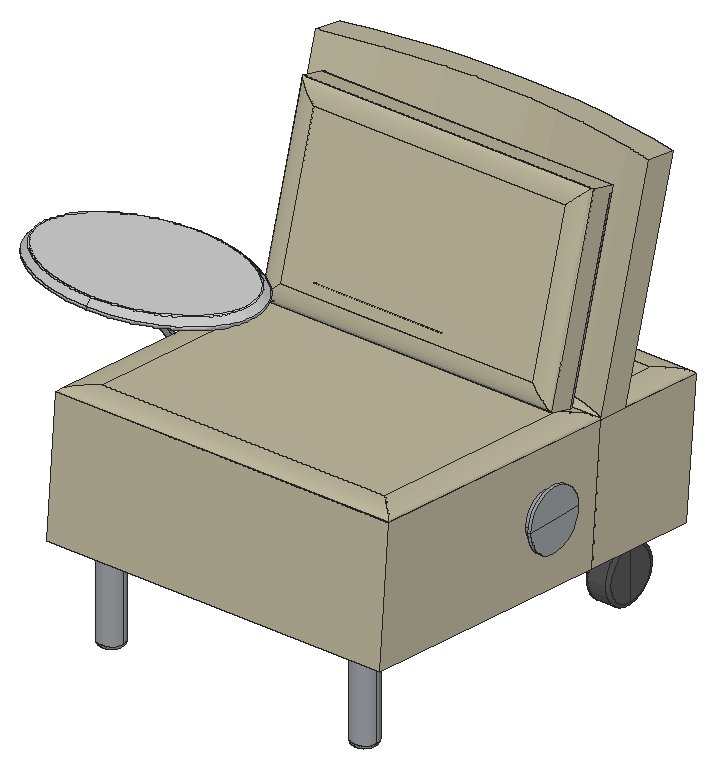
Revit family
Parameters
  Wheel [instance] = none
  URL = "http://www.martinbrattrud.com"
  Table Top [instance] = none
  SCS Certified Product = "Yes"
  Model = "Stonehenge 915-04"
  Manufacturer = "Martin Brattrud, Inc."
  Leg [instance] = none
  Keynote = "125000"
  Copyright = "© 2013 Martin Brattrud, Inc."
  Chair [instance] = none
  Back Cushion [instance] = none
  Authoring Version = "Revit Architecture 2010"
  Assembly Code = "E2020200"
Reference planes (in)
  plane 1 "Center Front/Back": y = 0
  plane 2: z = 0
  plane 3 "Center Left/Right": x = 0
  plane 4: z = 0
  plane 5: x = 0.00823
Forms (in)
  Extrusion 1, solid, material <- "Chair"
    sketch origin (0, 0.52946, 5.84845) x (0, -0.995927, 0.090161) y (-1, 0, 0)
      loop
        line (-14.83695, -13.47209) -> (-5.2106, -13.47209) -> (-5.2106, 13.47209) -> (-14.83695, 13.47209) -> (-14.83695, -13.47209)
    from -10.4513 to -0.00014
  Extrusion 2, solid, material <- "Chair"
    sketch origin (0, 10.90822, 4.90887) x (0, 0.995927, -0.090161) y (1, 0, 0)
      loop
        line (-26.7106, 13.47209) -> (-26.7106, -13.47209) -> (-5.2106, -13.47209) -> (-5.2106, 13.47209) -> (-26.7106, 13.47209)
    from -10.4513 to 0.00024
  Sweep 3, solid, material <- "Chair"
    path in 3D
      loop
        line (13.47209, -14.7513, 17.72585) -> (13.47209, 6.66113, 15.7874) -> (-13.47209, 6.66113, 15.7874) -> (-13.47209, -14.7513, 17.72585) -> (13.47209, -14.7513, 17.72585)
    profile origin (0, -14.7513, 17.72585) x (0, 0.995927, -0.090161) y (0, 0.090161, 0.995927)
      loop
        line (2.03125, 0) -> (2.03125, 0.52839)
        spline (2.03125, 0.52839) -> (1.7702, 0.52387) -> (1.51361, 0.51039) -> (1.26588, 0.48817) -> (1.03125, 0.4576) -> (0.81373, 0.4192) -> (0.61704, 0.37363) -> (0.44454, 0.32166) -> (0.2992, 0.2642) -> (0.18349, 0.20221) -> (0.0994, 0.13676) -> (0.04836, 0.06897) -> (0.03125, 0)
        line (0.03125, 0) -> (2.03125, 0)
  Extrusion 4, solid, material <- "Chair"
    sketch origin (0, 0, 0) x (0, 1, 0) y (0, 0, 1)
      loop
        line (4.68579, 16.49677) -> (-12.68069, 18.06895) -> (-12.72833, 17.54271) -> (4.63815, 15.97053) -> (4.68579, 16.49677)
    from -11.44084 to 11.44084
  Sweep 5, solid, material <- "Chair"
    path in 3D
      loop
        line (-13.47209, 16.24828, 14.91948) -> (-13.47209, 6.66113, 15.7874) -> (13.47209, 6.66113, 15.7874) -> (13.47209, 16.24828, 14.91948) -> (-13.47209, 16.24828, 14.91948)
    profile origin (0, 16.24828, 14.91948) x (0, -0.995927, 0.090161) y (0, 0.090161, 0.995927)
      loop
        line (2.03125, 0) -> (2.03125, 0.45358)
        spline (2.03125, 0.45358) -> (1.7702, 0.4497) -> (1.51361, 0.43812) -> (1.26588, 0.41905) -> (1.03125, 0.39281) -> (0.81373, 0.35985) -> (0.61704, 0.32073) -> (0.44454, 0.27612) -> (0.2992, 0.22679) -> (0.18349, 0.17358) -> (0.0994, 0.11739) -> (0.04836, 0.0592) -> (0.03125, 0)
        line (0.03125, 0) -> (2.03125, 0)
  Extrusion 6, solid, material <- "Chair"
    sketch origin (0, 0, 0) x (0, 1, 0) y (0, 0, 1)
      loop
        line (9.98768, 30.76355) -> (8.06607, 31.31925) -> (3.89659, 16.90046) -> (5.81732, 16.34476) -> (9.98768, 30.76355)
    from -11.75 to 11.75
  Sweep 7, solid, material <- "Chair"
    path in 3D
      loop
        line (-11.75, 8.06607, 31.31925) -> (-11.75, 3.89659, 16.90046) -> (11.75, 3.89659, 16.90046) -> (11.75, 8.06607, 31.31925) -> (-11.75, 8.06607, 31.31925)
    profile origin (0, 8.06607, 31.31925) x (0, -0.277789, -0.960642) y (0, -0.960642, 0.277789)
      loop
        line (0.03125, 0) -> (1.53125, 0) -> (1.53125, 0.46962)
        spline (1.53125, 0.46962) -> (1.33546, 0.4656) -> (1.14302, 0.45362) -> (0.95722, 0.43387) -> (0.78125, 0.4067) -> (0.61811, 0.37258) -> (0.47059, 0.33207) -> (0.34122, 0.28589) -> (0.23221, 0.23481) -> (0.14543, 0.17972) -> (0.08236, 0.12155) -> (0.04408, 0.0613) -> (0.03125, 0)
  Extrusion 8, solid, material <- "Chair"
    sketch origin (0, 0, 0) x (0, 1, 0) y (0, 0, 1)
      loop
        line (7.64071, 29.84827) -> (7.18957, 29.97873) -> (3.87082, 18.5019) -> (4.32195, 18.37145) -> (7.64071, 29.84827)
    from -10.21875 to 10.21875
  Extrusion 9, solid, material <- "Back Cushion"
    sketch origin (0, 9.59309, 33.0573) x (0, -0.960379, 0.278698) y (-1, 0, 0)
      loop
        line (-4.43095, -13.47209) -> (-2.03001, -13.47209)
        spline (-2.03001, -13.47209) -> (-2.63308, -11.28001) -> (-3.12847, -9.05886) -> (-3.51491, -6.8144) -> (-3.79139, -4.55239) -> (-3.9572, -2.27868) -> (-4.01191, 0.00086) -> (-3.95539, 2.28035) -> (-3.78777, 4.55391) -> (-3.50949, 6.81568) -> (-3.12128, 9.05981) -> (-2.62412, 11.28053) -> (-2.01931, 13.47209)
        line (-2.01931, 13.47209) -> (-4.42025, 13.47209)
        spline (-4.42025, 13.47209) -> (-5.02507, 11.28053) -> (-5.52222, 9.05981) -> (-5.91044, 6.81568) -> (-6.18872, 4.55391) -> (-6.35633, 2.28035) -> (-6.41286, 0.00086) -> (-6.35814, -2.27868) -> (-6.19233, -4.55239) -> (-5.91585, -6.8144) -> (-5.52942, -9.05886) -> (-5.03403, -11.28001) -> (-4.43095, -13.47209)
    from -2.42207 to 17.57683
  Extrusion 10, void
    sketch origin (0, 0, 0) x (0, 1, 0) y (0, 0, 1)
      loop
        line (16.47346, 31.64061) -> (16.894, 34.06774) -> (11.72108, 34.96404) -> (11.30054, 32.5369) -> (16.47346, 31.64061)
      loop
        line (6.40792, 15.81305) -> (6.22512, 13.81373) -> (12.28534, 13.25965) -> (12.46814, 15.25896) -> (6.40792, 15.81305)
    from -15.22442 to 15.21518
  Extrusion 11, solid, material <- "Leg"
    sketch origin (0, 0, 0) x (1, 0, 0) y (0, 1, 0)
      loop
        circle (-10.25, -13.20254) r 1
      loop
        circle (10.25, -13.20254) r 1
    from 0.25 to 7.25
  Revolve 12, solid, material <- "Leg"
    sketch origin (-10.25, 0, 0) x (0, 1, 0) y (0, 0, 1)
      loop
        line (-12.20254, 0.25) -> (-13.20254, 0.25) -> (-13.20254, 0) -> (-12.45254, 0)
        arc (-12.45254, 0) -> (-12.27577, 0.07322) -> (-12.20254, 0.25) r 0.25
      axis (-13.20254, 0) -> (-13.20254, 0.25)
    angle from 0 to 360
  Revolve 13, solid, material <- "Leg"
    sketch origin (10.25, 0, 0) x (0, 1, 0) y (0, 0, -1)
      loop
        arc (-12.20254, -0.25) -> (-12.27577, -0.07322) -> (-12.45254, 0) r 0.25
        line (-12.45254, 0) -> (-13.20254, 0) -> (-13.20254, -0.25) -> (-12.20254, -0.25)
      axis (-13.20254, 0) -> (-13.20254, -0.25)
    angle from 0 to 360
  Sweep 14, solid, material <- "Chair"
    path in 3D
      loop
        line (11.44084, 8.725, 16.05599) -> (11.44084, 8.68411, 15.60426)
    profile origin (11.44084, 8.70456, 15.83012) x (0, -0.995927, 0.090161) y (-1, 0, 0)
      loop
        line (0, 22.88167) -> (-5.56385, 22.88167) -> (-5.56385, 0) -> (0, 0) -> (0, 22.88167)
  Sweep 15, solid, material <- "Chair"
    path in 3D
      loop
        line (-10.21875, 7.18957, 29.97873) -> (-10.21875, 7.64071, 29.84827)
    profile origin (-10.21875, 7.41514, 29.9135) x (0, -0.277789, -0.960642) y (-1, 0, 0)
      loop
        line (0, 0) -> (0, -20.4375) -> (11.94703, -20.4375) -> (11.94703, 0) -> (0, 0)
  Sweep 16, solid, material <- "Chair"
    path in 3D
      loop
        line (-11.75, 9.98768, 30.76355) -> (-11.75, 5.81771, 16.3449) -> (11.75, 5.81771, 16.3449) -> (11.75, 9.98768, 30.76355) -> (-11.75, 9.98768, 30.76355)
    profile origin (0, 9.98768, 30.76355) x (0, 0.277821, 0.960633) y (0, 0.960633, -0.277821)
      loop
        spline (-0.03125, 0) -> (-0.04408, 0.0613) -> (-0.08236, 0.12155) -> (-0.14543, 0.17972) -> (-0.23221, 0.23481) -> (-0.34122, 0.28589) -> (-0.47059, 0.33207) -> (-0.61811, 0.37258) -> (-0.78125, 0.4067) -> (-0.95722, 0.43387) -> (-1.14302, 0.45362) -> (-1.33546, 0.4656) -> (-1.53125, 0.46962)
        line (-1.53125, 0.46962) -> (-1.53125, 0) -> (-0.03125, 0)
  Extrusion 17, solid, material <- "Chair"
    sketch origin (0, 0.0924, -0.02672) x (0, -0.845649, 0.53374) y (0, -0.53374, -0.845649)
      loop
        line (7.64071, -29.84827) -> (4.32195, -18.37145) -> (3.87082, -18.5019) -> (7.18957, -29.97873) -> (7.64071, -29.84827)
    from -10.21875 to 10.21875
  Sweep 18, solid, material <- "Chair"
    path in 3D
      loop
        line (-10.21875, 9.56227, 29.29258) -> (-10.21875, 10.0134, 29.16211)
    profile origin (-10.21875, 9.78783, 29.22734) x (0, -0.277821, -0.960633) y (-1, 0, 0)
      loop
        line (0, 0) -> (0, -20.4375) -> (11.94703, -20.4375) -> (11.94703, 0) -> (0, 0)
  Revolve 19, solid, material <- "Wheel"
    sketch origin (0, 11.03237, 0) x (1, 0, 0) y (0, 0, 1)
      loop
        line (-12.15199, 0) -> (-10.72801, 0)
        arc (-10.72801, 0) -> (-10.55123, 0.07322) -> (-10.47801, 0.25) r 0.25
        line (-10.47801, 0.25) -> (-10.47801, 2.25544) -> (-12.40199, 2.25544) -> (-12.40199, 0.25)
        arc (-12.40199, 0.25) -> (-12.32877, 0.07322) -> (-12.15199, 0) r 0.25
      axis (-12.40199, 2.25544) -> (-10.47801, 2.25544)
    angle from 0 to 360
  Extrusion 20, solid, material <- "Wheel"
    sketch origin (-0.05844, -103.69026, 4.40006) x (0.99232, 0.1237, 0) y (-0.1237, 0.99232, 0)
      loop
        circle (2.90427, 115.22304) r 0.25
    from -0.24885 to 0.5
  Revolve 21, solid, material <- "Wheel"
    sketch origin (0, 11.03237, 0) x (-1, 0, 0) y (0, 0, -1)
      loop
        arc (-12.15199, 0) -> (-12.32877, -0.07322) -> (-12.40199, -0.25) r 0.25
        line (-12.40199, -0.25) -> (-12.40199, -2.25544) -> (-10.47801, -2.25544) -> (-10.47801, -0.25)
        arc (-10.47801, -0.25) -> (-10.55123, -0.07322) -> (-10.72801, 0) r 0.25
        line (-10.72801, 0) -> (-12.15199, 0)
      axis (-12.40199, -2.25544) -> (-10.47801, -2.25544)
    angle from 0 to 360
  Extrusion 22, solid, material <- "Wheel"
    sketch origin (0.05844, -103.69026, 4.40006) x (0.99232, -0.1237, 0) y (0.1237, 0.99232, 0)
      loop
        circle (-2.90427, 115.22304) r 0.25
    from -0.24885 to 0.5
  Sweep 23, solid, material <- "Leg"
    path in 3D
      loop
        line (-13.80149, 1.0914, 11.15112) -> (-13.80149, -8.46011, 24.29765)
    profile origin (-13.80149, -3.68435, 17.72438) x (-1, 0, 0) y (0, -0.809017, -0.587785)
      loop
        circle (0, 0) r 0.27955
  Extrusion 24, solid, material <- "Leg"
    sketch origin (-0.00044, -0.0005, 0) x (1, 0, 0) y (0, 1, 0)
      loop
        circle (-13.80104, -8.22748) r 2
    from 24.00353 to 24.12853
  Revolve 25, solid, material <- "Leg"
    sketch origin (-0.00044, -0.0005, 11.375) x (-1, 0, 0) y (0, 1, 0)
      loop
        line (14.38, -1.5074) -> (14.38, 0.8676) -> (13.47209, 0.8676) -> (13.47209, -1.0074) -> (14.13, -1.0074) -> (14.13, -1.5074) -> (14.38, -1.5074)
      loop
        line (-14.38, -1.5074) -> (-14.13, -1.5074) -> (-14.13, -1.0074) -> (-13.47209, -1.0074) -> (-13.47209, 0.8676) -> (-14.38, 0.8676) -> (-14.38, -1.5074)
      axis (-14.38, 0.8676) -> (14.38, 0.8676)
    angle from 0 to 360
  Sweep 26, solid, material <- "Table Top"
    path in 3D
      loop
        spline (-11.43348, -2.24474, 24.12853) -> (-9.10411, -2.44918, 24.12853) -> (-6.93348, -3.04858, 24.12853) -> (-5.06952, -4.0021, 24.12853) -> (-3.63925, -5.24474, 24.12853) -> (-2.74015, -6.69182, 24.12853) -> (-2.43348, -8.24474, 24.12853) -> (-2.74015, -9.79765, 24.12853) -> (-3.63925, -11.24474, 24.12853) -> (-5.06952, -12.48738, 24.12853) -> (-6.93348, -13.44089, 24.12853) -> (-9.10411, -14.04029, 24.12853) -> (-11.43348, -14.24474, 24.12853)
        spline (-11.43348, -14.24474, 24.12853) -> (-13.76285, -14.04029, 24.12853) -> (-15.93348, -13.44089, 24.12853) -> (-17.79744, -12.48738, 24.12853) -> (-19.22771, -11.24474, 24.12853) -> (-20.12681, -9.79765, 24.12853) -> (-20.43348, -8.24474, 24.12853) -> (-20.12681, -6.69182, 24.12853) -> (-19.22771, -5.24474, 24.12853) -> (-17.79744, -4.0021, 24.12853) -> (-15.93348, -3.04858, 24.12853) -> (-13.76285, -2.44918, 24.12853) -> (-11.43348, -2.24474, 24.12853)
    profile origin (-20.43348, -8.24474, 24.12853) x (-1, 0, 0) y (0, 0, 1)
      loop
        line (-2.02252, 0.75) -> (-2.02252, 0) -> (-0.14497, 0)
        arc (-0.14497, 0) -> (-0.03102, 0.07363) -> (-0.05131, 0.20778) r 0.125
        line (-0.05131, 0.20778) -> (-0.49321, 0.70778)
        arc (-0.49321, 0.70778) -> (-0.5355, 0.73896) -> (-0.58687, 0.75) r 0.125
        line (-0.58687, 0.75) -> (-2.02252, 0.75)
  Extrusion 27, solid, material <- "Table Top"
    sketch origin (-19.66096, 5.55631, 0) x (0, 1, 0) y (-1, 0, 0)
      loop
        spline (-17.77853, -8.22748) -> (-17.60557, -10.20118) -> (-17.10964, -12.00095) -> (-16.36085, -13.46955) -> (-15.47705, -14.49272) -> (-14.59987, -15.04411) -> (-13.80104, -15.20497) -> (-13.00222, -15.04411) -> (-12.12504, -14.49272) -> (-11.24124, -13.46955) -> (-10.49245, -12.00095) -> (-9.99652, -10.20118) -> (-9.82356, -8.22748)
        spline (-9.82356, -8.22748) -> (-9.99652, -6.25378) -> (-10.49245, -4.45401) -> (-11.24124, -2.98541) -> (-12.12504, -1.96224) -> (-13.00222, -1.41085) -> (-13.80104, -1.25) -> (-14.59987, -1.41085) -> (-15.47705, -1.96224) -> (-16.36085, -2.98541) -> (-17.10964, -4.45401) -> (-17.60557, -6.25378) -> (-17.77853, -8.22748)
    from 24.12853 to 24.87853
Cuts and joins
  Extrusion 10 cuts Extrusion 9
  joined: Sweep 7, Extrusion 8, Sweep 15
  joined: Sweep 16, Extrusion 17, Sweep 18
  joined: Sweep 5, Sweep 14
  joined: Sweep 3, Extrusion 4
  joined: Sweep 26, Extrusion 27
Lines and regions (in)
  sketch lines
    curve 1: line (-13.47209, -14.7513, 17.72585) -> (13.47209, -14.7513, 17.72585)
    curve 2: line (-13.47209, 6.66113, 15.7874) -> (-13.47209, -14.7513, 17.72585)
    curve 3: line (13.47209, 6.66113, 15.7874) -> (-13.47209, 6.66113, 15.7874)
    curve 4: line (13.47209, -14.7513, 17.72585) -> (13.47209, 6.66113, 15.7874)
    curve 5: line (11.75, 8.06607, 31.31925) -> (-11.75, 8.06607, 31.31925)
    curve 6: line (-11.75, 3.89659, 16.90046) -> (-11.75, 8.06607, 31.31925)
    curve 7: line (11.75, 3.89659, 16.90046) -> (-11.75, 3.89659, 16.90046)
    curve 8: line (11.75, 8.06607, 31.31925) -> (11.75, 3.89659, 16.90046)
    curve 9: line (13.47209, 16.24828, 14.91948) -> (-13.47209, 16.24828, 14.91948)
    curve 10: line (13.47209, 6.66113, 15.7874) -> (13.47209, 16.24828, 14.91948)
    curve 11: line (-13.47209, 6.66113, 15.7874) -> (13.47209, 6.66113, 15.7874)
    curve 12: line (-13.47209, 16.24828, 14.91948) -> (-13.47209, 6.66113, 15.7874)
    curve 13: line (-10.21875, 7.18957, 29.97873) -> (-10.21875, 7.64071, 29.84827)
    curve 14: line (11.75, 9.98768, 30.76355) -> (-11.75, 9.98768, 30.76355)
    curve 15: line (-11.75, 5.81771, 16.3449) -> (-11.75, 9.98768, 30.76355)
    curve 16: line (11.75, 5.81771, 16.3449) -> (-11.75, 5.81771, 16.3449)
    curve 17: line (11.75, 9.98768, 30.76355) -> (11.75, 5.81771, 16.3449)
    curve 18: line (-10.21875, 9.56227, 29.29258) -> (-10.21875, 10.0134, 29.16211)
    curve 19: line (11.44084, 8.725, 16.05599) -> (11.44084, 8.68411, 15.60426)
    curve 20: line (-13.80149, 1.0914, 11.15112) -> (-13.80149, -8.46011, 24.29765)
    curve 21: spline (-11.43348, -14.24474, 24.12853) -> (-13.76285, -14.04029, 24.12853) -> (-15.93348, -13.44089, 24.12853) -> (-17.79744, -12.48738, 24.12853) -> (-19.22771, -11.24474, 24.12853) -> (-20.12681, -9.79765, 24.12853) -> (-20.43348, -8.24474, 24.12853) -> (-20.12681, -6.69182, 24.12853) -> (-19.22771, -5.24474, 24.12853) -> (-17.79744, -4.0021, 24.12853) -> (-15.93348, -3.04858, 24.12853) -> (-13.76285, -2.44918, 24.12853) -> (-11.43348, -2.24474, 24.12853)
    curve 22: spline (-11.43348, -2.24474, 24.12853) -> (-9.10411, -2.44918, 24.12853) -> (-6.93348, -3.04858, 24.12853) -> (-5.06952, -4.0021, 24.12853) -> (-3.63925, -5.24474, 24.12853) -> (-2.74015, -6.69182, 24.12853) -> (-2.43348, -8.24474, 24.12853) -> (-2.74015, -9.79765, 24.12853) -> (-3.63925, -11.24474, 24.12853) -> (-5.06952, -12.48738, 24.12853) -> (-6.93348, -13.44089, 24.12853) -> (-9.10411, -14.04029, 24.12853) -> (-11.43348, -14.24474, 24.12853)
